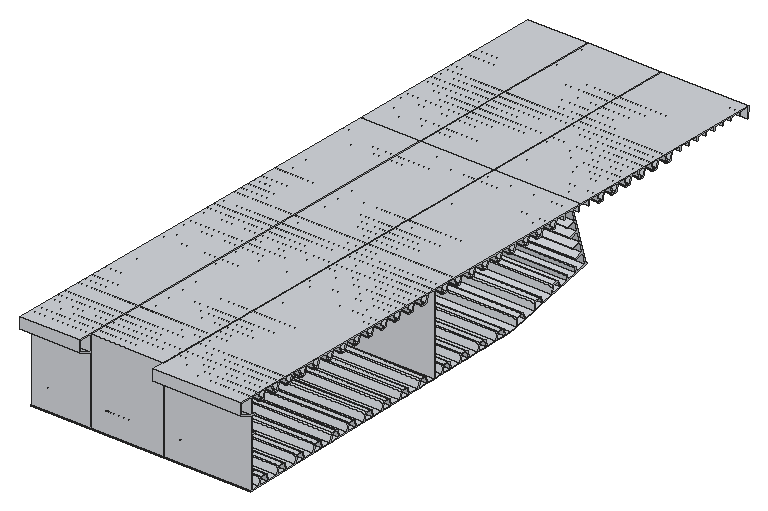
Revit family "A1-A4节段-主梁框架", category 结构框架, Revit 2018
Family settings
  横断面形状 = 未定义
  用于模型行为的材质 = 其他
  始终导出为几何图形 = 否
  OmniClass 编号 = 23.25.30.11.14.14
  OmniClass 标题 = Beams
  总是垂直 = 是
  加载时剪切的空心 = 否
  符号表示法 = 从族
  共享 = 否
  在平面视图中显示族的预剪切 = 是
Parameters
  Length [instance] = 3000 mm
Reference planes
  plane 1 "中心(前/后)": y = 0
  plane 2 "中心标高": z = 0
  plane 3 "中心(左/右)": x = 0
  plane 4 "左": x = -1500
  plane 5 "右": x = 1500
  plane 6: x = 3100
  plane 7: x = 2600
  plane 8: x = -2600
  plane 9: x = -4700
  plane 10: y = 3000
  plane 11: y = 3500
  plane 12: x = 0
  plane 13 "横梁隔板": y = 1200
  plane 14: y = 1206
  plane 15: y = 1194
  plane 16: x = 0
  plane 17: x = -1300
  plane 18: y = 5325
  plane 19: x = 0
  plane 20: y = 3600
  plane 21: y = 3400
  plane 22: x = -300
  plane 23: z = -584
  plane 24: x = -167
  plane 25: x = -7
  plane 26: y = 1300
  plane 27: y = 1100
  plane 28: x = 12300
  plane 29: x = 16248
  plane 30: x = 16978
  plane 31: x = 16343
  plane 32: x = 16883
  plane 33: x = 16730
  plane 34: x = 16313
  plane 35: through (0, 18610.834, -1253.315) normal (0, 0.9647, 0.2633)
  plane 36: through (0, 18442.341, -635.893) normal (0, -0.2633, 0.9647)
  plane 37: through (0, 18361.933, -1332.753) normal (0, 0.9647, 0.2633)
  plane 38: through (0, 18405.666, -974.53) normal (0, -0.9647, -0.2633)
  plane 39: through (0, 18187.495, 460.751) normal (0, -0.2633, 0.9647)
  plane 40: z = -1041.878
  plane 41: through (16613, 0, -1041.878) normal (0.9769, 0, 0.2139)
  plane 42 "主梁腹板": through (0, 17718.181, -302.375) normal (0, -0.9576, -0.2881)
  plane 43 "标识2": y = 18621.365
  plane 44 "标识3": x = 40032
  plane 45: through (0, 17875.895, 448.276) normal (0, -0.2633, 0.9647)
  plane 46: through (23820.66, 0, 361.834) normal (-0.3189, 0, 0.9478)
  plane 47: through (0, 18008.89, 479.856) normal (0, -0.2633, 0.9647)
  plane 48: through (0, 17982.576, 576.28) normal (0, -0.2633, 0.9647)
  plane 49: through (0, 17947.099, 706.283) normal (0, -0.2633, 0.9647)
  plane 50 "旋转面": through (0, 17718.181, -302.375) normal (0, -0.9576, -0.2881)
  plane 51: x = 39200
  plane 52: x = 31400
  plane 53: through (0, 18240.861, -1365.794) normal (0, 0.9647, 0.2633)
  plane 54: through (0, 17718.181, -302.375) normal (0, 0.2881, -0.9576)
  plane 55: through (0, 18061.826, -1444.601) normal (0, 0.2881, -0.9576)
  plane 56: through (0, 18427.833, -580.768) normal (0, 0.2633, -0.9647)
  plane 57: through (0, 17796.772, -563.602) normal (0, 0.2881, -0.9576)
  plane 58: through (0, 18056.062, -1425.442) normal (0, -0.2881, 0.9576)
  plane 59: x = 43500
  plane 60: x = 27900
Forms (mm)
  Sweep 1, solid
    path origin (-3100, -3000, 0) x (1, 0, 0) y (0, 1, 0)
      loop
        line (3100, 0) -> (0, 0)
    profile "A1-A4节段主梁截面 : A1-A4节段主梁截面" origin (-1550, -3000, 0) x (0, -1, 0) y (0, 0, 1)
      loop
        line (-14716.674, -2992) -> (-14333.326, -2992) -> (-14399.763, -2761.685)
        arc (-14399.763, -2761.685) -> (-14410.552, -2746.027) -> (-14428.588, -2740) r 30
        line (-14428.588, -2740) -> (-14525, -2740) -> (-14621.412, -2740)
        arc (-14621.412, -2740) -> (-14639.448, -2746.027) -> (-14650.237, -2761.685) r 30
        line (-14650.237, -2761.685) -> (-14716.674, -2992)
      loop
        line (-13916.674, -2992) -> (-13533.326, -2992) -> (-13599.763, -2761.685)
        arc (-13599.763, -2761.685) -> (-13610.552, -2746.027) -> (-13628.588, -2740) r 30
        line (-13628.588, -2740) -> (-13725, -2740) -> (-13821.412, -2740)
        arc (-13821.412, -2740) -> (-13839.448, -2746.027) -> (-13850.237, -2761.685) r 30
        line (-13850.237, -2761.685) -> (-13916.674, -2992)
      loop
        line (-13116.674, -2992) -> (-12733.326, -2992) -> (-12799.763, -2761.685)
        arc (-12799.763, -2761.685) -> (-12810.552, -2746.027) -> (-12828.588, -2740) r 30
        line (-12828.588, -2740) -> (-12925, -2740) -> (-13021.412, -2740)
        arc (-13021.412, -2740) -> (-13039.448, -2746.027) -> (-13050.237, -2761.685) r 30
        line (-13050.237, -2761.685) -> (-13116.674, -2992)
      loop
        line (-11266.674, -2992) -> (-10883.326, -2992) -> (-10949.763, -2761.685)
        arc (-10949.763, -2761.685) -> (-10960.552, -2746.027) -> (-10978.588, -2740) r 30
        line (-10978.588, -2740) -> (-11075, -2740) -> (-11171.412, -2740)
        arc (-11171.412, -2740) -> (-11189.448, -2746.027) -> (-11200.237, -2761.685) r 30
        line (-11200.237, -2761.685) -> (-11266.674, -2992)
      loop
        line (-10466.674, -2992) -> (-10083.326, -2992) -> (-10149.763, -2761.685)
        arc (-10149.763, -2761.685) -> (-10160.552, -2746.027) -> (-10178.588, -2740) r 30
        line (-10178.588, -2740) -> (-10275, -2740) -> (-10371.412, -2740)
        arc (-10371.412, -2740) -> (-10389.448, -2746.027) -> (-10400.237, -2761.685) r 30
        line (-10400.237, -2761.685) -> (-10466.674, -2992)
      loop
        line (-9666.674, -2992) -> (-9283.326, -2992) -> (-9349.763, -2761.685)
        arc (-9349.763, -2761.685) -> (-9360.552, -2746.027) -> (-9378.588, -2740) r 30
        line (-9378.588, -2740) -> (-9475, -2740) -> (-9571.412, -2740)
        arc (-9571.412, -2740) -> (-9589.448, -2746.027) -> (-9600.237, -2761.685) r 30
        line (-9600.237, -2761.685) -> (-9666.674, -2992)
      loop
        line (-8866.674, -2992) -> (-8483.326, -2992) -> (-8549.763, -2761.685)
        arc (-8549.763, -2761.685) -> (-8560.552, -2746.027) -> (-8578.588, -2740) r 30
        line (-8578.588, -2740) -> (-8675, -2740) -> (-8771.412, -2740)
        arc (-8771.412, -2740) -> (-8789.448, -2746.027) -> (-8800.237, -2761.685) r 30
        line (-8800.237, -2761.685) -> (-8866.674, -2992)
      loop
        line (-8116.674, -2992) -> (-7733.326, -2992) -> (-7799.763, -2761.685)
        arc (-7799.763, -2761.685) -> (-7810.552, -2746.027) -> (-7828.588, -2740) r 30
        line (-7828.588, -2740) -> (-7925, -2740) -> (-8021.412, -2740)
        arc (-8021.412, -2740) -> (-8039.448, -2746.027) -> (-8050.237, -2761.685) r 30
        line (-8050.237, -2761.685) -> (-8116.674, -2992)
      loop
        line (-7366.674, -2992) -> (-6983.326, -2992) -> (-7049.763, -2761.685)
        arc (-7049.763, -2761.685) -> (-7060.552, -2746.027) -> (-7078.588, -2740) r 30
        line (-7078.588, -2740) -> (-7175, -2740) -> (-7271.412, -2740)
        arc (-7271.412, -2740) -> (-7289.448, -2746.027) -> (-7300.237, -2761.685) r 30
        line (-7300.237, -2761.685) -> (-7366.674, -2992)
      loop
        line (-6616.674, -2992) -> (-6233.326, -2992) -> (-6299.763, -2761.685)
        arc (-6299.763, -2761.685) -> (-6310.552, -2746.027) -> (-6328.588, -2740) r 30
        line (-6328.588, -2740) -> (-6425, -2740) -> (-6521.412, -2740)
        arc (-6521.412, -2740) -> (-6539.448, -2746.027) -> (-6550.237, -2761.685) r 30
        line (-6550.237, -2761.685) -> (-6616.674, -2992)
      loop
        line (-5816.674, -2992) -> (-5433.326, -2992) -> (-5499.763, -2761.685)
        arc (-5499.763, -2761.685) -> (-5510.552, -2746.027) -> (-5528.588, -2740) r 30
        line (-5528.588, -2740) -> (-5625, -2740) -> (-5721.412, -2740)
        arc (-5721.412, -2740) -> (-5739.448, -2746.027) -> (-5750.237, -2761.685) r 30
        line (-5750.237, -2761.685) -> (-5816.674, -2992)
      loop
        line (-5016.674, -2992) -> (-4633.326, -2992) -> (-4699.763, -2761.685)
        arc (-4699.763, -2761.685) -> (-4710.552, -2746.027) -> (-4728.588, -2740) r 30
        line (-4728.588, -2740) -> (-4825, -2740) -> (-4921.412, -2740)
        arc (-4921.412, -2740) -> (-4939.448, -2746.027) -> (-4950.237, -2761.685) r 30
        line (-4950.237, -2761.685) -> (-5016.674, -2992)
      loop
        line (-17075.615, -2306.983) -> (-17189.264, -2518.035) -> (-16814.589, -2599.118) -> (-16830.854, -2359.288)
        arc (-16830.854, -2359.288) -> (-16836.17, -2344.169) -> (-16848.512, -2333.944) r 30
        line (-16848.512, -2333.944) -> (-16948.625, -2312.278) -> (-17042.856, -2291.885)
        arc (-17042.856, -2291.885) -> (-17061.758, -2293.961) -> (-17075.615, -2306.983) r 30
      loop
        line (-16293.715, -2476.195) -> (-16407.364, -2687.246) -> (-16032.689, -2768.33) -> (-16048.908, -2529.173)
        arc (-16048.908, -2529.173) -> (-16056.141, -2511.587) -> (-16072.494, -2501.882) r 30
        line (-16072.494, -2501.882) -> (-16166.725, -2481.49) -> (-16260.956, -2461.097)
        arc (-16260.956, -2461.097) -> (-16279.858, -2463.172) -> (-16293.715, -2476.195) r 30
      loop
        line (-15511.815, -2645.406) -> (-15625.464, -2856.458) -> (-15250.789, -2937.541) -> (-15267.008, -2698.385)
        arc (-15267.008, -2698.385) -> (-15274.241, -2680.799) -> (-15290.594, -2671.094) r 30
        line (-15290.594, -2671.094) -> (-15384.825, -2650.701) -> (-15479.056, -2630.308)
        arc (-15479.056, -2630.308) -> (-15497.958, -2632.384) -> (-15511.815, -2645.406) r 30
      loop
        line (-12250.237, -2761.685) -> (-12316.674, -2992) -> (-11933.326, -2992) -> (-11999.763, -2761.685)
        arc (-11999.763, -2761.685) -> (-12010.552, -2746.027) -> (-12028.588, -2740) r 30
        line (-12028.588, -2740) -> (-12125, -2740) -> (-12221.412, -2740)
        arc (-12221.412, -2740) -> (-12239.448, -2746.027) -> (-12250.237, -2761.685) r 30
      loop
        line (-4150.237, -2761.685) -> (-4216.674, -2992) -> (-3833.326, -2992) -> (-3899.763, -2761.685)
        arc (-3899.763, -2761.685) -> (-3910.552, -2746.027) -> (-3928.588, -2740) r 30
        line (-3928.588, -2740) -> (-4025, -2740) -> (-4121.412, -2740)
        arc (-4121.412, -2740) -> (-4139.448, -2746.027) -> (-4150.237, -2761.685) r 30
      loop
        arc (-22055.241, -629.212) -> (-22040.716, -651.2) -> (-22015.666, -659.381) r 40
        line (-22015.666, -659.381) -> (-21968.808, -658.444) -> (-21921.951, -657.507)
        arc (-21921.951, -657.507) -> (-21897.248, -648.331) -> (-21883.614, -625.779) r 40
        line (-21883.614, -625.779) -> (-21832.489, -383.663) -> (-22116.006, -389.334) -> (-22055.241, -629.212)
      loop
        arc (-21455.361, -617.214) -> (-21440.836, -639.202) -> (-21415.785, -647.383) r 40
        line (-21415.785, -647.383) -> (-21368.928, -646.446) -> (-21322.071, -645.509)
        arc (-21322.071, -645.509) -> (-21297.368, -636.333) -> (-21283.734, -613.781) r 40
        line (-21283.734, -613.781) -> (-21232.609, -371.665) -> (-21516.126, -377.336) -> (-21455.361, -617.214)
      loop
        arc (-20855.481, -605.216) -> (-20840.956, -627.204) -> (-20815.905, -635.385) r 40
        line (-20815.905, -635.385) -> (-20769.048, -634.448) -> (-20722.191, -633.511)
        arc (-20722.191, -633.511) -> (-20697.488, -624.335) -> (-20683.854, -601.783) r 40
        line (-20683.854, -601.783) -> (-20632.729, -359.667) -> (-20916.246, -365.338) -> (-20855.481, -605.216)
      loop
        arc (-20255.601, -593.218) -> (-20241.076, -615.206) -> (-20216.025, -623.387) r 40
        line (-20216.025, -623.387) -> (-20169.168, -622.45) -> (-20122.311, -621.513)
        arc (-20122.311, -621.513) -> (-20097.608, -612.337) -> (-20083.974, -589.785) r 40
        line (-20083.974, -589.785) -> (-20032.849, -347.669) -> (-20316.366, -353.34) -> (-20255.601, -593.218)
      loop
        arc (-19655.721, -581.22) -> (-19641.196, -603.208) -> (-19616.145, -611.389) r 40
        line (-19616.145, -611.389) -> (-19569.288, -610.452) -> (-19522.431, -609.515)
        arc (-19522.431, -609.515) -> (-19497.728, -600.339) -> (-19484.094, -577.787) r 40
        line (-19484.094, -577.787) -> (-19432.968, -335.671) -> (-19716.486, -341.342) -> (-19655.721, -581.22)
      loop
        arc (-19055.84, -569.222) -> (-19041.316, -591.21) -> (-19016.265, -599.391) r 40
        line (-19016.265, -599.391) -> (-18969.408, -598.454) -> (-18922.551, -597.517)
        arc (-18922.551, -597.517) -> (-18897.848, -588.341) -> (-18884.214, -565.789) r 40
        line (-18884.214, -565.789) -> (-18833.088, -323.673) -> (-19116.606, -329.344) -> (-19055.84, -569.222)
      loop
        arc (-16930.033, -527.705) -> (-16915.508, -549.693) -> (-16890.458, -557.874) r 40
        line (-16890.458, -557.874) -> (-16843.601, -556.937) -> (-16796.744, -556)
        arc (-16796.744, -556) -> (-16772.041, -546.823) -> (-16758.407, -524.272) r 40
        line (-16758.407, -524.272) -> (-16707.281, -282.156) -> (-16990.799, -287.827) -> (-16930.033, -527.705)
      loop
        arc (-16330.153, -515.707) -> (-16315.628, -537.695) -> (-16290.578, -545.876) r 40
        line (-16290.578, -545.876) -> (-16243.721, -544.939) -> (-16196.864, -544.002)
        arc (-16196.864, -544.002) -> (-16172.161, -534.825) -> (-16158.527, -512.274) r 40
        line (-16158.527, -512.274) -> (-16107.401, -270.158) -> (-16390.919, -275.829) -> (-16330.153, -515.707)
      loop
        arc (-15730.273, -503.709) -> (-15715.748, -525.697) -> (-15690.698, -533.878) r 40
        line (-15690.698, -533.878) -> (-15643.841, -532.941) -> (-15596.984, -532.004)
        arc (-15596.984, -532.004) -> (-15572.281, -522.827) -> (-15558.647, -500.276) r 40
        line (-15558.647, -500.276) -> (-15507.521, -258.16) -> (-15791.039, -263.831) -> (-15730.273, -503.709)
      loop
        arc (-15130.393, -491.711) -> (-15115.868, -513.699) -> (-15090.818, -521.88) r 40
        line (-15090.818, -521.88) -> (-15043.961, -520.943) -> (-14997.104, -520.006)
        arc (-14997.104, -520.006) -> (-14972.401, -510.829) -> (-14958.767, -488.278) r 40
        line (-14958.767, -488.278) -> (-14907.641, -246.162) -> (-15191.159, -251.833) -> (-15130.393, -491.711)
      loop
        arc (-14530.513, -479.713) -> (-14515.988, -501.701) -> (-14490.938, -509.882) r 40
        line (-14490.938, -509.882) -> (-14444.081, -508.945) -> (-14397.224, -508.008)
        arc (-14397.224, -508.008) -> (-14372.521, -498.831) -> (-14358.887, -476.28) r 40
        line (-14358.887, -476.28) -> (-14307.761, -234.164) -> (-14591.279, -239.835) -> (-14530.513, -479.713)
      loop
        arc (-13930.633, -467.715) -> (-13916.108, -489.703) -> (-13891.058, -497.884) r 40
        line (-13891.058, -497.884) -> (-13844.201, -496.947) -> (-13797.344, -496.01)
        arc (-13797.344, -496.01) -> (-13772.641, -486.833) -> (-13759.007, -464.282) r 40
        line (-13759.007, -464.282) -> (-13707.881, -222.166) -> (-13991.399, -227.837) -> (-13930.633, -467.715)
      loop
        arc (-13330.753, -455.717) -> (-13316.228, -477.705) -> (-13291.178, -485.886) r 40
        line (-13291.178, -485.886) -> (-13244.321, -484.949) -> (-13197.464, -484.012)
        arc (-13197.464, -484.012) -> (-13172.761, -474.835) -> (-13159.127, -452.284) r 40
        line (-13159.127, -452.284) -> (-13108.001, -210.168) -> (-13391.519, -215.839) -> (-13330.753, -455.717)
      loop
        arc (-12730.873, -443.719) -> (-12716.348, -465.707) -> (-12691.298, -473.888) r 40
        line (-12691.298, -473.888) -> (-12644.441, -472.951) -> (-12597.584, -472.014)
        arc (-12597.584, -472.014) -> (-12572.881, -462.837) -> (-12559.247, -440.286) r 40
        line (-12559.247, -440.286) -> (-12508.121, -198.17) -> (-12791.639, -203.841) -> (-12730.873, -443.719)
      loop
        arc (-12130.993, -431.721) -> (-12116.468, -453.709) -> (-12091.418, -461.89) r 40
        line (-12091.418, -461.89) -> (-12044.561, -460.953) -> (-11997.704, -460.016)
        arc (-11997.704, -460.016) -> (-11973.001, -450.839) -> (-11959.367, -428.288) r 40
        line (-11959.367, -428.288) -> (-11908.241, -186.172) -> (-12191.759, -191.843) -> (-12130.993, -431.721)
      loop
        arc (-11229.553, -413.691) -> (-11215.029, -435.68) -> (-11189.978, -443.861) r 40
        line (-11189.978, -443.861) -> (-11143.121, -442.924) -> (-11096.264, -441.987)
        arc (-11096.264, -441.987) -> (-11071.561, -432.81) -> (-11057.927, -410.259) r 40
        line (-11057.927, -410.259) -> (-11006.801, -168.143) -> (-11290.319, -173.813) -> (-11229.553, -413.691)
      loop
        arc (-10629.673, -401.693) -> (-10615.149, -423.682) -> (-10590.098, -431.863) r 40
        line (-10590.098, -431.863) -> (-10543.241, -430.926) -> (-10496.384, -429.989)
        arc (-10496.384, -429.989) -> (-10471.681, -420.812) -> (-10458.047, -398.261) r 40
        line (-10458.047, -398.261) -> (-10406.921, -156.145) -> (-10690.439, -161.815) -> (-10629.673, -401.693)
      loop
        arc (-10029.793, -389.695) -> (-10015.269, -411.684) -> (-9990.218, -419.865) r 40
        line (-9990.218, -419.865) -> (-9943.361, -418.928) -> (-9896.504, -417.991)
        arc (-9896.504, -417.991) -> (-9871.801, -408.814) -> (-9858.167, -386.263) r 40
        line (-9858.167, -386.263) -> (-9807.041, -144.147) -> (-10090.559, -149.817) -> (-10029.793, -389.695)
      loop
        arc (-9429.913, -377.697) -> (-9415.389, -399.686) -> (-9390.338, -407.867) r 40
        line (-9390.338, -407.867) -> (-9343.481, -406.93) -> (-9296.624, -405.993)
        arc (-9296.624, -405.993) -> (-9271.921, -396.816) -> (-9258.287, -374.265) r 40
        line (-9258.287, -374.265) -> (-9207.161, -132.149) -> (-9490.679, -137.819) -> (-9429.913, -377.697)
      loop
        arc (-8830.033, -365.699) -> (-8815.508, -387.688) -> (-8790.458, -395.869) r 40
        line (-8790.458, -395.869) -> (-8743.601, -394.932) -> (-8696.744, -393.995)
        arc (-8696.744, -393.995) -> (-8672.041, -384.818) -> (-8658.407, -362.267) r 40
        line (-8658.407, -362.267) -> (-8607.281, -120.151) -> (-8890.799, -125.821) -> (-8830.033, -365.699)
      loop
        arc (-8230.153, -353.701) -> (-8215.628, -375.69) -> (-8190.578, -383.871) r 40
        line (-8190.578, -383.871) -> (-8143.721, -382.934) -> (-8096.864, -381.997)
        arc (-8096.864, -381.997) -> (-8072.161, -372.82) -> (-8058.527, -350.269) r 40
        line (-8058.527, -350.269) -> (-8007.401, -108.153) -> (-8290.919, -113.823) -> (-8230.153, -353.701)
      loop
        arc (-7630.273, -341.703) -> (-7615.748, -363.692) -> (-7590.698, -371.873) r 40
        line (-7590.698, -371.873) -> (-7543.841, -370.936) -> (-7496.984, -369.999)
        arc (-7496.984, -369.999) -> (-7472.281, -360.822) -> (-7458.647, -338.271) r 40
        line (-7458.647, -338.271) -> (-7407.521, -96.155) -> (-7691.039, -101.825) -> (-7630.273, -341.703)
      loop
        arc (-7030.393, -329.705) -> (-7015.868, -351.694) -> (-6990.818, -359.875) r 40
        line (-6990.818, -359.875) -> (-6943.961, -358.938) -> (-6897.104, -358.001)
        arc (-6897.104, -358.001) -> (-6872.401, -348.824) -> (-6858.767, -326.273) r 40
        line (-6858.767, -326.273) -> (-6807.641, -84.157) -> (-7091.159, -89.827) -> (-7030.393, -329.705)
      loop
        arc (-6430.513, -317.707) -> (-6415.988, -339.696) -> (-6390.938, -347.877) r 40
        line (-6390.938, -347.877) -> (-6344.081, -346.94) -> (-6297.224, -346.003)
        arc (-6297.224, -346.003) -> (-6272.521, -336.826) -> (-6258.887, -314.275) r 40
        line (-6258.887, -314.275) -> (-6207.761, -72.159) -> (-6491.279, -77.829) -> (-6430.513, -317.707)
      loop
        arc (-5830.633, -305.709) -> (-5816.108, -327.698) -> (-5791.058, -335.879) r 40
        line (-5791.058, -335.879) -> (-5744.201, -334.942) -> (-5697.344, -334.005)
        arc (-5697.344, -334.005) -> (-5672.641, -324.828) -> (-5659.007, -302.277) r 40
        line (-5659.007, -302.277) -> (-5607.881, -60.161) -> (-5891.399, -65.831) -> (-5830.633, -305.709)
      loop
        arc (-5230.753, -293.712) -> (-5216.228, -315.7) -> (-5191.178, -323.881) r 40
        line (-5191.178, -323.881) -> (-5144.321, -322.944) -> (-5097.464, -322.007)
        arc (-5097.464, -322.007) -> (-5072.761, -312.83) -> (-5059.127, -290.279) r 40
        line (-5059.127, -290.279) -> (-5008.001, -48.163) -> (-5291.519, -53.833) -> (-5230.753, -293.712)
      loop
        arc (-4630.873, -281.714) -> (-4616.348, -303.702) -> (-4591.298, -311.883) r 40
        line (-4591.298, -311.883) -> (-4544.441, -310.946) -> (-4497.584, -310.009)
        arc (-4497.584, -310.009) -> (-4472.881, -300.832) -> (-4459.247, -278.281) r 40
        line (-4459.247, -278.281) -> (-4408.121, -36.165) -> (-4691.639, -41.835) -> (-4630.873, -281.714)
      loop
        arc (-4030.993, -269.716) -> (-4016.468, -291.704) -> (-3991.418, -299.885) r 40
        line (-3991.418, -299.885) -> (-3944.561, -298.948) -> (-3897.704, -298.011)
        arc (-3897.704, -298.011) -> (-3873.001, -288.834) -> (-3859.367, -266.283) r 40
        line (-3859.367, -266.283) -> (-3808.241, -24.167) -> (-4091.759, -29.837) -> (-4030.993, -269.716)
      loop
        line (-3507, -594) -> (-3507, -18.142) -> (-3800.03, -24.003) -> (-3851.539, -267.936)
        arc (-3851.539, -267.936) -> (-3867.9, -294.997) -> (-3897.544, -306.009) r 48
        line (-3897.544, -306.009) -> (-3944.401, -306.946) -> (-3991.258, -307.883)
        arc (-3991.258, -307.883) -> (-4021.318, -298.066) -> (-4038.748, -271.68) r 48
        line (-4038.748, -271.68) -> (-4099.97, -30.002) -> (-4399.91, -36.001) -> (-4451.419, -279.934)
        arc (-4451.419, -279.934) -> (-4467.78, -306.995) -> (-4497.424, -318.007) r 48
        line (-4497.424, -318.007) -> (-4544.281, -318.944) -> (-4591.138, -319.881)
        arc (-4591.138, -319.881) -> (-4621.198, -310.064) -> (-4638.628, -283.678) r 48
        line (-4638.628, -283.678) -> (-4699.85, -42) -> (-4999.79, -47.999) -> (-5051.299, -291.932)
        arc (-5051.299, -291.932) -> (-5067.66, -318.993) -> (-5097.304, -330.005) r 48
        line (-5097.304, -330.005) -> (-5144.161, -330.942) -> (-5191.018, -331.879)
        arc (-5191.018, -331.879) -> (-5221.078, -322.062) -> (-5238.508, -295.676) r 48
        line (-5238.508, -295.676) -> (-5299.73, -53.998) -> (-5599.67, -59.997) -> (-5651.179, -303.93)
        arc (-5651.179, -303.93) -> (-5667.54, -330.991) -> (-5697.184, -342.003) r 48
        line (-5697.184, -342.003) -> (-5744.041, -342.94) -> (-5790.898, -343.877)
        arc (-5790.898, -343.877) -> (-5820.958, -334.06) -> (-5838.388, -307.674) r 48
        line (-5838.388, -307.674) -> (-5899.61, -65.996) -> (-6199.55, -71.995) -> (-6251.059, -315.928)
        arc (-6251.059, -315.928) -> (-6267.42, -342.989) -> (-6297.064, -354.001) r 48
        line (-6297.064, -354.001) -> (-6343.921, -354.938) -> (-6390.778, -355.875)
        arc (-6390.778, -355.875) -> (-6420.838, -346.058) -> (-6438.268, -319.672) r 48
        line (-6438.268, -319.672) -> (-6499.49, -77.994) -> (-6799.43, -83.993) -> (-6850.939, -327.926)
        arc (-6850.939, -327.926) -> (-6867.3, -354.987) -> (-6896.944, -365.999) r 48
        line (-6896.944, -365.999) -> (-6943.801, -366.936) -> (-6990.658, -367.873)
        arc (-6990.658, -367.873) -> (-7020.718, -358.056) -> (-7038.148, -331.67) r 48
        line (-7038.148, -331.67) -> (-7099.37, -89.992) -> (-7399.31, -95.991) -> (-7450.819, -339.924)
        arc (-7450.819, -339.924) -> (-7467.18, -366.985) -> (-7496.824, -377.997) r 48
        line (-7496.824, -377.997) -> (-7543.681, -378.934) -> (-7590.538, -379.871)
        arc (-7590.538, -379.871) -> (-7620.598, -370.054) -> (-7638.028, -343.668) r 48
        line (-7638.028, -343.668) -> (-7699.25, -101.99) -> (-7999.19, -107.989) -> (-8050.7, -351.922)
        arc (-8050.7, -351.922) -> (-8067.06, -378.983) -> (-8096.704, -389.995) r 48
        line (-8096.704, -389.995) -> (-8143.561, -390.932) -> (-8190.418, -391.869)
        arc (-8190.418, -391.869) -> (-8220.479, -382.052) -> (-8237.908, -355.666) r 48
        line (-8237.908, -355.666) -> (-8299.13, -113.988) -> (-8599.07, -119.987) -> (-8650.58, -363.92)
        arc (-8650.58, -363.92) -> (-8666.94, -390.981) -> (-8696.584, -401.993) r 48
        line (-8696.584, -401.993) -> (-8743.441, -402.93) -> (-8790.298, -403.867)
        arc (-8790.298, -403.867) -> (-8820.359, -394.05) -> (-8837.788, -367.664) r 48
        line (-8837.788, -367.664) -> (-8899.01, -125.986) -> (-9198.95, -131.985) -> (-9250.46, -375.918)
        arc (-9250.46, -375.918) -> (-9266.82, -402.979) -> (-9296.464, -413.991) r 48
        line (-9296.464, -413.991) -> (-9343.321, -414.928) -> (-9390.178, -415.865)
        arc (-9390.178, -415.865) -> (-9420.239, -406.048) -> (-9437.668, -379.662) r 48
        line (-9437.668, -379.662) -> (-9498.89, -137.984) -> (-9798.83, -143.983) -> (-9850.34, -387.916)
        arc (-9850.34, -387.916) -> (-9866.7, -414.977) -> (-9896.344, -425.989) r 48
        line (-9896.344, -425.989) -> (-9943.201, -426.926) -> (-9990.058, -427.863)
        arc (-9990.058, -427.863) -> (-10020.119, -418.046) -> (-10037.548, -391.66) r 48
        line (-10037.548, -391.66) -> (-10098.77, -149.982) -> (-10398.71, -155.981) -> (-10450.22, -399.914)
        arc (-10450.22, -399.914) -> (-10466.58, -426.975) -> (-10496.224, -437.987) r 48
        line (-10496.224, -437.987) -> (-10543.081, -438.924) -> (-10589.938, -439.861)
        arc (-10589.938, -439.861) -> (-10619.999, -430.044) -> (-10637.428, -403.658) r 48
        line (-10637.428, -403.658) -> (-10698.65, -161.98) -> (-10998.59, -167.979) -> (-11050.1, -411.912)
        arc (-11050.1, -411.912) -> (-11066.46, -438.973) -> (-11096.104, -449.985) r 48
        line (-11096.104, -449.985) -> (-11142.961, -450.922) -> (-11189.818, -451.859)
        arc (-11189.818, -451.859) -> (-11219.879, -442.042) -> (-11237.308, -415.656) r 48
        line (-11237.308, -415.656) -> (-11298.53, -173.978) -> (-11593, -179.867) -> (-11593, -2992) -> (-11275, -2992) -> (-11207.923, -2759.468)
        arc (-11207.923, -2759.468) -> (-11194.257, -2739.634) -> (-11171.412, -2732) r 38
        line (-11171.412, -2732) -> (-11075, -2732) -> (-10978.588, -2732)
        arc (-10978.588, -2732) -> (-10955.743, -2739.634) -> (-10942.077, -2759.468) r 38
        line (-10942.077, -2759.468) -> (-10875, -2992) -> (-10475, -2992) -> (-10407.923, -2759.468)
        arc (-10407.923, -2759.468) -> (-10394.257, -2739.634) -> (-10371.412, -2732) r 38
        line (-10371.412, -2732) -> (-10275, -2732) -> (-10178.588, -2732)
        arc (-10178.588, -2732) -> (-10155.743, -2739.634) -> (-10142.077, -2759.468) r 38
        line (-10142.077, -2759.468) -> (-10075, -2992) -> (-9675, -2992) -> (-9607.923, -2759.468)
        arc (-9607.923, -2759.468) -> (-9594.257, -2739.634) -> (-9571.412, -2732) r 38
        line (-9571.412, -2732) -> (-9475, -2732) -> (-9378.588, -2732)
        arc (-9378.588, -2732) -> (-9355.743, -2739.634) -> (-9342.077, -2759.468) r 38
        line (-9342.077, -2759.468) -> (-9275, -2992) -> (-8875, -2992) -> (-8807.923, -2759.468)
        arc (-8807.923, -2759.468) -> (-8794.257, -2739.634) -> (-8771.412, -2732) r 38
        line (-8771.412, -2732) -> (-8675, -2732) -> (-8578.588, -2732)
        arc (-8578.588, -2732) -> (-8555.743, -2739.634) -> (-8542.077, -2759.468) r 38
        line (-8542.077, -2759.468) -> (-8475, -2992) -> (-8125, -2992) -> (-8057.923, -2759.468)
        arc (-8057.923, -2759.468) -> (-8044.257, -2739.634) -> (-8021.412, -2732) r 38
        line (-8021.412, -2732) -> (-7925, -2732) -> (-7828.588, -2732)
        arc (-7828.588, -2732) -> (-7805.743, -2739.634) -> (-7792.077, -2759.468) r 38
        line (-7792.077, -2759.468) -> (-7725, -2992) -> (-7375, -2992) -> (-7307.923, -2759.468)
        arc (-7307.923, -2759.468) -> (-7294.257, -2739.634) -> (-7271.412, -2732) r 38
        line (-7271.412, -2732) -> (-7175, -2732) -> (-7078.588, -2732)
        arc (-7078.588, -2732) -> (-7055.743, -2739.634) -> (-7042.077, -2759.468) r 38
        line (-7042.077, -2759.468) -> (-6975, -2992) -> (-6625, -2992) -> (-6557.923, -2759.468)
        arc (-6557.923, -2759.468) -> (-6544.257, -2739.634) -> (-6521.412, -2732) r 38
        line (-6521.412, -2732) -> (-6425, -2732) -> (-6328.588, -2732)
        arc (-6328.588, -2732) -> (-6305.743, -2739.634) -> (-6292.077, -2759.468) r 38
        line (-6292.077, -2759.468) -> (-6225, -2992) -> (-5825, -2992) -> (-5757.923, -2759.468)
        arc (-5757.923, -2759.468) -> (-5744.257, -2739.634) -> (-5721.412, -2732) r 38
        line (-5721.412, -2732) -> (-5625, -2732) -> (-5528.588, -2732)
        arc (-5528.588, -2732) -> (-5505.743, -2739.634) -> (-5492.077, -2759.468) r 38
        line (-5492.077, -2759.468) -> (-5425, -2992) -> (-5025, -2992) -> (-4957.923, -2759.468)
        arc (-4957.923, -2759.468) -> (-4944.257, -2739.634) -> (-4921.412, -2732) r 38
        line (-4921.412, -2732) -> (-4825, -2732) -> (-4728.588, -2732)
        arc (-4728.588, -2732) -> (-4705.743, -2739.634) -> (-4692.077, -2759.468) r 38
        line (-4692.077, -2759.468) -> (-4625, -2992) -> (-4225, -2992) -> (-4157.923, -2759.468)
        arc (-4157.923, -2759.468) -> (-4144.257, -2739.634) -> (-4121.412, -2732) r 38
        line (-4121.412, -2732) -> (-4025, -2732) -> (-3928.588, -2732)
        arc (-3928.588, -2732) -> (-3905.743, -2739.634) -> (-3892.077, -2759.468) r 38
        line (-3892.077, -2759.468) -> (-3825, -2992) -> (-3507, -2992) -> (-3507, -2406) -> (-3647, -2406) -> (-3647, -2394) -> (-3507, -2394) -> (-3507, -1806) -> (-3647, -1806) -> (-3647, -1794) -> (-3507, -1794) -> (-3507, -1206) -> (-3647, -1206) -> (-3647, -1194) -> (-3507, -1194) -> (-3507, -606) -> (-3647, -606) -> (-3647, -594) -> (-3507, -594)
      loop
        line (-17686.663, -301.744) -> (-17803.803, -691.101) -> (-17497.371, -783.292) -> (-17504.285, -806.275) -> (-17810.717, -714.083) -> (-17919.043, -1074.141) -> (-17612.61, -1166.333) -> (-17619.525, -1189.315) -> (-17925.957, -1097.123) -> (-18034.282, -1457.181) -> (-17727.85, -1549.373) -> (-17734.765, -1572.355) -> (-18041.197, -1480.163) -> (-18149.522, -1840.221) -> (-17843.09, -1932.413) -> (-17850.004, -1955.395) -> (-18156.436, -1863.204) -> (-18282.281, -2281.494) -> (-17889.383, -2366.521) -> (-17851.31, -2190.594) -> (-17835.672, -2193.978) -> (-17873.745, -2369.906) -> (-17498.433, -2451.127) -> (-17460.36, -2275.2) -> (-17444.722, -2278.584) -> (-17482.795, -2454.511) -> (-17197.401, -2516.274) -> (-17082.659, -2303.19)
        arc (-17082.659, -2303.19) -> (-17065.106, -2286.695) -> (-17041.163, -2284.066) r 38
        line (-17041.163, -2284.066) -> (-16946.933, -2304.459) -> (-16852.702, -2324.852)
        arc (-16852.702, -2324.852) -> (-16831.988, -2337.145) -> (-16822.826, -2359.421) r 38
        line (-16822.826, -2359.421) -> (-16806.451, -2600.879) -> (-16415.501, -2685.485) -> (-16300.759, -2472.402)
        arc (-16300.759, -2472.402) -> (-16283.206, -2455.907) -> (-16259.264, -2453.278) r 38
        line (-16259.264, -2453.278) -> (-16165.033, -2473.671) -> (-16070.802, -2494.063)
        arc (-16070.802, -2494.063) -> (-16050.089, -2506.356) -> (-16040.927, -2528.632) r 38
        line (-16040.927, -2528.632) -> (-16024.552, -2770.091) -> (-15633.602, -2854.697) -> (-15518.859, -2641.613)
        arc (-15518.859, -2641.613) -> (-15501.306, -2625.118) -> (-15477.364, -2622.489) r 38
        line (-15477.364, -2622.489) -> (-15383.133, -2642.882) -> (-15288.902, -2663.275)
        arc (-15288.902, -2663.275) -> (-15268.189, -2675.568) -> (-15259.027, -2697.844) r 38
        line (-15259.027, -2697.844) -> (-15242.652, -2939.302) -> (-14999.144, -2992) -> (-14725, -2992) -> (-14657.923, -2759.468)
        arc (-14657.923, -2759.468) -> (-14644.257, -2739.634) -> (-14621.412, -2732) r 38
        line (-14621.412, -2732) -> (-14525, -2732) -> (-14428.588, -2732)
        arc (-14428.588, -2732) -> (-14405.743, -2739.634) -> (-14392.077, -2759.468) r 38
        line (-14392.077, -2759.468) -> (-14325, -2992) -> (-13925, -2992) -> (-13857.923, -2759.468)
        arc (-13857.923, -2759.468) -> (-13844.257, -2739.634) -> (-13821.412, -2732) r 38
        line (-13821.412, -2732) -> (-13725, -2732) -> (-13628.588, -2732)
        arc (-13628.588, -2732) -> (-13605.743, -2739.634) -> (-13592.077, -2759.468) r 38
        line (-13592.077, -2759.468) -> (-13525, -2992) -> (-13125, -2992) -> (-13057.923, -2759.468)
        arc (-13057.923, -2759.468) -> (-13044.257, -2739.634) -> (-13021.412, -2732) r 38
        line (-13021.412, -2732) -> (-12925, -2732) -> (-12828.588, -2732)
        arc (-12828.588, -2732) -> (-12805.743, -2739.634) -> (-12792.077, -2759.468) r 38
        line (-12792.077, -2759.468) -> (-12725, -2992) -> (-12325, -2992) -> (-12257.923, -2759.468)
        arc (-12257.923, -2759.468) -> (-12244.257, -2739.634) -> (-12221.412, -2732) r 38
        line (-12221.412, -2732) -> (-12125, -2732) -> (-12028.588, -2732)
        arc (-12028.588, -2732) -> (-12005.743, -2739.634) -> (-11992.077, -2759.468) r 38
        line (-11992.077, -2759.468) -> (-11925, -2992) -> (-11607, -2992) -> (-11607, -180.147) -> (-11900.03, -186.008) -> (-11951.539, -429.941)
        arc (-11951.539, -429.941) -> (-11967.9, -457.003) -> (-11997.544, -468.014) r 48
        line (-11997.544, -468.014) -> (-12044.401, -468.951) -> (-12091.258, -469.889)
        arc (-12091.258, -469.889) -> (-12121.318, -460.071) -> (-12138.748, -433.685) r 48
        line (-12138.748, -433.685) -> (-12199.97, -192.007) -> (-12499.91, -198.006) -> (-12551.419, -441.939)
        arc (-12551.419, -441.939) -> (-12567.78, -469.001) -> (-12597.424, -480.012) r 48
        line (-12597.424, -480.012) -> (-12644.281, -480.949) -> (-12691.138, -481.887)
        arc (-12691.138, -481.887) -> (-12721.198, -472.069) -> (-12738.628, -445.683) r 48
        line (-12738.628, -445.683) -> (-12799.85, -204.005) -> (-13099.79, -210.004) -> (-13151.299, -453.937)
        arc (-13151.299, -453.937) -> (-13167.66, -480.999) -> (-13197.304, -492.01) r 48
        line (-13197.304, -492.01) -> (-13244.161, -492.947) -> (-13291.018, -493.885)
        arc (-13291.018, -493.885) -> (-13321.078, -484.067) -> (-13338.508, -457.681) r 48
        line (-13338.508, -457.681) -> (-13399.73, -216.003) -> (-13699.67, -222.002) -> (-13751.179, -465.935)
        arc (-13751.179, -465.935) -> (-13767.54, -492.997) -> (-13797.184, -504.008) r 48
        line (-13797.184, -504.008) -> (-13844.041, -504.945) -> (-13890.898, -505.883)
        arc (-13890.898, -505.883) -> (-13920.958, -496.065) -> (-13938.388, -469.679) r 48
        line (-13938.388, -469.679) -> (-13999.61, -228.001) -> (-14299.55, -234) -> (-14351.059, -477.933)
        arc (-14351.059, -477.933) -> (-14367.42, -504.995) -> (-14397.064, -516.006) r 48
        line (-14397.064, -516.006) -> (-14443.921, -516.943) -> (-14490.778, -517.881)
        arc (-14490.778, -517.881) -> (-14520.838, -508.063) -> (-14538.268, -481.677) r 48
        line (-14538.268, -481.677) -> (-14599.49, -239.999) -> (-14899.43, -245.998) -> (-14950.939, -489.931)
        arc (-14950.939, -489.931) -> (-14967.3, -516.993) -> (-14996.944, -528.004) r 48
        line (-14996.944, -528.004) -> (-15043.801, -528.941) -> (-15090.658, -529.879)
        arc (-15090.658, -529.879) -> (-15120.718, -520.061) -> (-15138.148, -493.675) r 48
        line (-15138.148, -493.675) -> (-15199.37, -251.997) -> (-15499.31, -257.996) -> (-15550.819, -501.929)
        arc (-15550.819, -501.929) -> (-15567.18, -528.991) -> (-15596.824, -540.002) r 48
        line (-15596.824, -540.002) -> (-15643.681, -540.939) -> (-15690.538, -541.877)
        arc (-15690.538, -541.877) -> (-15720.598, -532.059) -> (-15738.028, -505.673) r 48
        line (-15738.028, -505.673) -> (-15799.25, -263.995) -> (-16099.19, -269.994) -> (-16150.7, -513.927)
        arc (-16150.7, -513.927) -> (-16167.06, -540.989) -> (-16196.704, -552) r 48
        line (-16196.704, -552) -> (-16243.561, -552.937) -> (-16290.418, -553.875)
        arc (-16290.418, -553.875) -> (-16320.479, -544.057) -> (-16337.908, -517.671) r 48
        line (-16337.908, -517.671) -> (-16399.13, -275.993) -> (-16699.07, -281.992) -> (-16750.58, -525.925)
        arc (-16750.58, -525.925) -> (-16766.94, -552.987) -> (-16796.584, -563.998) r 48
        line (-16796.584, -563.998) -> (-16843.441, -564.935) -> (-16890.298, -565.873)
        arc (-16890.298, -565.873) -> (-16920.359, -556.055) -> (-16937.788, -529.669) r 48
        line (-16937.788, -529.669) -> (-16999.01, -287.991) -> (-17340.942, -294.83) -> (-17337.342, -474.794) -> (-17353.339, -475.114) -> (-17356.939, -295.15) -> (-17686.663, -301.744)
      loop
        line (-3006, -8.122) -> (-3493, -17.862) -> (-3493, -590.358) -> (-3006, -375.74) -> (-3006, -8.122)
      loop
        line (-2994, 8.122) -> (-18084, -293.688) -> (-18100, -295.008) -> (-25507.139, -443.156) -> (-25499.4, -830.079) -> (-25485.403, -829.799) -> (-25492.861, -456.873) -> (-25130.721, -449.63) -> (-25127.922, -589.602) -> (-25113.925, -589.322) -> (-25116.724, -449.35) -> (-24755.796, -442.131) -> (-24752.997, -582.103) -> (-24739, -581.823) -> (-24741.799, -441.851) -> (-24380.871, -434.633) -> (-24378.072, -574.605) -> (-24364.074, -574.325) -> (-24366.874, -434.353) -> (-24005.946, -427.134) -> (-24003.147, -567.106) -> (-23989.149, -566.826) -> (-23991.949, -426.854) -> (-23631.021, -419.635) -> (-23628.222, -559.607) -> (-23614.224, -559.327) -> (-23617.024, -419.355) -> (-23256.096, -412.136) -> (-23253.297, -552.108) -> (-23239.299, -551.829) -> (-23242.099, -411.857) -> (-22881.171, -404.638) -> (-22878.372, -544.61) -> (-22864.374, -544.33) -> (-22867.174, -404.358) -> (-22506.246, -397.139) -> (-22503.447, -537.111) -> (-22489.449, -536.831) -> (-22492.249, -396.859) -> (-22124.218, -389.498) -> (-22062.996, -631.176)
        arc (-22062.996, -631.176) -> (-22045.566, -657.562) -> (-22015.506, -667.38) r 48
        line (-22015.506, -667.38) -> (-21968.648, -666.443) -> (-21921.791, -665.506)
        arc (-21921.791, -665.506) -> (-21892.148, -654.494) -> (-21875.787, -627.432) r 48
        line (-21875.787, -627.432) -> (-21824.278, -383.499) -> (-21524.338, -377.5) -> (-21463.116, -619.178)
        arc (-21463.116, -619.178) -> (-21445.686, -645.564) -> (-21415.626, -655.382) r 48
        line (-21415.626, -655.382) -> (-21368.768, -654.445) -> (-21321.911, -653.508)
        arc (-21321.911, -653.508) -> (-21292.268, -642.496) -> (-21275.907, -615.434) r 48
        line (-21275.907, -615.434) -> (-21224.397, -371.501) -> (-20924.457, -365.502) -> (-20863.236, -607.18)
        arc (-20863.236, -607.18) -> (-20845.806, -633.566) -> (-20815.745, -643.384) r 48
        line (-20815.745, -643.384) -> (-20768.888, -642.447) -> (-20722.031, -641.51)
        arc (-20722.031, -641.51) -> (-20692.388, -630.498) -> (-20676.027, -603.436) r 48
        line (-20676.027, -603.436) -> (-20624.517, -359.503) -> (-20324.577, -353.504) -> (-20263.356, -595.183)
        arc (-20263.356, -595.183) -> (-20245.926, -621.568) -> (-20215.865, -631.386) r 48
        line (-20215.865, -631.386) -> (-20169.008, -630.449) -> (-20122.151, -629.512)
        arc (-20122.151, -629.512) -> (-20092.508, -618.5) -> (-20076.147, -591.438) r 48
        line (-20076.147, -591.438) -> (-20024.637, -347.505) -> (-19724.697, -341.506) -> (-19663.476, -583.185)
        arc (-19663.476, -583.185) -> (-19646.046, -609.57) -> (-19615.985, -619.388) r 48
        line (-19615.985, -619.388) -> (-19569.128, -618.451) -> (-19522.271, -617.514)
        arc (-19522.271, -617.514) -> (-19492.628, -606.502) -> (-19476.267, -579.44) r 48
        line (-19476.267, -579.44) -> (-19424.757, -335.507) -> (-19124.817, -329.508) -> (-19063.596, -571.187)
        arc (-19063.596, -571.187) -> (-19046.166, -597.572) -> (-19016.105, -607.39) r 48
        line (-19016.105, -607.39) -> (-18969.248, -606.453) -> (-18922.391, -605.516)
        arc (-18922.391, -605.516) -> (-18892.748, -594.504) -> (-18876.387, -567.442) r 48
        line (-18876.387, -567.442) -> (-18824.877, -323.509) -> (-18457.908, -316.17) -> (-18454.309, -496.134) -> (-18438.312, -495.814) -> (-18441.912, -315.85) -> (-18100, -309.011) -> (-18084, -309.691) -> (-18007.998, -308.171) -> (-18004.399, -488.135) -> (-17988.402, -487.815) -> (-17992.002, -307.851) -> (-17718.181, -302.375) -> (-18311.695, -2275.129) -> (-18331.303, -2270.885) -> (-18335.927, -2286.255) -> (-18316.319, -2290.498) -> (-15000.856, -3008) -> (-3493, -3008) -> (-3463, -3008) -> (-3463, -2992) -> (-3493, -2992) -> (-3493, -603.472) -> (-2994, -383.565) -> (-2994, 8.122)
  Sweep 2, solid
    path origin (-3100, -3000, 0) x (1, 0, 0) y (0, 1, 0)
      loop
        line (0, 0) -> (-2600, 0)
    profile "A1-A4节段主梁截面4-4 : A1-A4节段主梁截面4-4" origin (-4400, -3000, 0) x (0, -1, 0) y (0, 0, 1)
      loop
        line (-14716.674, -2992) -> (-14333.326, -2992) -> (-14399.763, -2761.685)
        arc (-14399.763, -2761.685) -> (-14410.552, -2746.027) -> (-14428.588, -2740) r 30
        line (-14428.588, -2740) -> (-14525, -2740) -> (-14621.412, -2740)
        arc (-14621.412, -2740) -> (-14639.448, -2746.027) -> (-14650.237, -2761.685) r 30
        line (-14650.237, -2761.685) -> (-14716.674, -2992)
      loop
        line (-13916.674, -2992) -> (-13533.326, -2992) -> (-13599.763, -2761.685)
        arc (-13599.763, -2761.685) -> (-13610.552, -2746.027) -> (-13628.588, -2740) r 30
        line (-13628.588, -2740) -> (-13725, -2740) -> (-13821.412, -2740)
        arc (-13821.412, -2740) -> (-13839.448, -2746.027) -> (-13850.237, -2761.685) r 30
        line (-13850.237, -2761.685) -> (-13916.674, -2992)
      loop
        line (-13116.674, -2992) -> (-12733.326, -2992) -> (-12799.763, -2761.685)
        arc (-12799.763, -2761.685) -> (-12810.552, -2746.027) -> (-12828.588, -2740) r 30
        line (-12828.588, -2740) -> (-12925, -2740) -> (-13021.412, -2740)
        arc (-13021.412, -2740) -> (-13039.448, -2746.027) -> (-13050.237, -2761.685) r 30
        line (-13050.237, -2761.685) -> (-13116.674, -2992)
      loop
        line (-11266.674, -2992) -> (-10883.326, -2992) -> (-10949.763, -2761.685)
        arc (-10949.763, -2761.685) -> (-10960.552, -2746.027) -> (-10978.588, -2740) r 30
        line (-10978.588, -2740) -> (-11075, -2740) -> (-11171.412, -2740)
        arc (-11171.412, -2740) -> (-11189.448, -2746.027) -> (-11200.237, -2761.685) r 30
        line (-11200.237, -2761.685) -> (-11266.674, -2992)
      loop
        line (-10466.674, -2992) -> (-10083.326, -2992) -> (-10149.763, -2761.685)
        arc (-10149.763, -2761.685) -> (-10160.552, -2746.027) -> (-10178.588, -2740) r 30
        line (-10178.588, -2740) -> (-10275, -2740) -> (-10371.412, -2740)
        arc (-10371.412, -2740) -> (-10389.448, -2746.027) -> (-10400.237, -2761.685) r 30
        line (-10400.237, -2761.685) -> (-10466.674, -2992)
      loop
        line (-9666.674, -2992) -> (-9283.326, -2992) -> (-9349.763, -2761.685)
        arc (-9349.763, -2761.685) -> (-9360.552, -2746.027) -> (-9378.588, -2740) r 30
        line (-9378.588, -2740) -> (-9475, -2740) -> (-9571.412, -2740)
        arc (-9571.412, -2740) -> (-9589.448, -2746.027) -> (-9600.237, -2761.685) r 30
        line (-9600.237, -2761.685) -> (-9666.674, -2992)
      loop
        line (-8866.674, -2992) -> (-8483.326, -2992) -> (-8549.763, -2761.685)
        arc (-8549.763, -2761.685) -> (-8560.552, -2746.027) -> (-8578.588, -2740) r 30
        line (-8578.588, -2740) -> (-8675, -2740) -> (-8771.412, -2740)
        arc (-8771.412, -2740) -> (-8789.448, -2746.027) -> (-8800.237, -2761.685) r 30
        line (-8800.237, -2761.685) -> (-8866.674, -2992)
      loop
        line (-8116.674, -2992) -> (-7733.326, -2992) -> (-7799.763, -2761.685)
        arc (-7799.763, -2761.685) -> (-7810.552, -2746.027) -> (-7828.588, -2740) r 30
        line (-7828.588, -2740) -> (-7925, -2740) -> (-8021.412, -2740)
        arc (-8021.412, -2740) -> (-8039.448, -2746.027) -> (-8050.237, -2761.685) r 30
        line (-8050.237, -2761.685) -> (-8116.674, -2992)
      loop
        line (-7366.674, -2992) -> (-6983.326, -2992) -> (-7049.763, -2761.685)
        arc (-7049.763, -2761.685) -> (-7060.552, -2746.027) -> (-7078.588, -2740) r 30
        line (-7078.588, -2740) -> (-7175, -2740) -> (-7271.412, -2740)
        arc (-7271.412, -2740) -> (-7289.448, -2746.027) -> (-7300.237, -2761.685) r 30
        line (-7300.237, -2761.685) -> (-7366.674, -2992)
      loop
        line (-6616.674, -2992) -> (-6233.326, -2992) -> (-6299.763, -2761.685)
        arc (-6299.763, -2761.685) -> (-6310.552, -2746.027) -> (-6328.588, -2740) r 30
        line (-6328.588, -2740) -> (-6425, -2740) -> (-6521.412, -2740)
        arc (-6521.412, -2740) -> (-6539.448, -2746.027) -> (-6550.237, -2761.685) r 30
        line (-6550.237, -2761.685) -> (-6616.674, -2992)
      loop
        line (-5816.674, -2992) -> (-5433.326, -2992) -> (-5499.763, -2761.685)
        arc (-5499.763, -2761.685) -> (-5510.552, -2746.027) -> (-5528.588, -2740) r 30
        line (-5528.588, -2740) -> (-5625, -2740) -> (-5721.412, -2740)
        arc (-5721.412, -2740) -> (-5739.448, -2746.027) -> (-5750.237, -2761.685) r 30
        line (-5750.237, -2761.685) -> (-5816.674, -2992)
      loop
        line (-5016.674, -2992) -> (-4633.326, -2992) -> (-4699.763, -2761.685)
        arc (-4699.763, -2761.685) -> (-4710.552, -2746.027) -> (-4728.588, -2740) r 30
        line (-4728.588, -2740) -> (-4825, -2740) -> (-4921.412, -2740)
        arc (-4921.412, -2740) -> (-4939.448, -2746.027) -> (-4950.237, -2761.685) r 30
        line (-4950.237, -2761.685) -> (-5016.674, -2992)
      loop
        line (-17075.615, -2306.983) -> (-17189.264, -2518.035) -> (-16814.589, -2599.118) -> (-16830.854, -2359.288)
        arc (-16830.854, -2359.288) -> (-16836.17, -2344.169) -> (-16848.512, -2333.944) r 30
        line (-16848.512, -2333.944) -> (-16948.625, -2312.278) -> (-17042.856, -2291.885)
        arc (-17042.856, -2291.885) -> (-17061.758, -2293.961) -> (-17075.615, -2306.983) r 30
      loop
        line (-16293.715, -2476.195) -> (-16407.364, -2687.246) -> (-16032.689, -2768.33) -> (-16048.908, -2529.173)
        arc (-16048.908, -2529.173) -> (-16056.141, -2511.587) -> (-16072.494, -2501.882) r 30
        line (-16072.494, -2501.882) -> (-16166.725, -2481.49) -> (-16260.956, -2461.097)
        arc (-16260.956, -2461.097) -> (-16279.858, -2463.172) -> (-16293.715, -2476.195) r 30
      loop
        line (-15511.815, -2645.406) -> (-15625.464, -2856.458) -> (-15250.789, -2937.541) -> (-15267.008, -2698.385)
        arc (-15267.008, -2698.385) -> (-15274.241, -2680.799) -> (-15290.594, -2671.094) r 30
        line (-15290.594, -2671.094) -> (-15384.825, -2650.701) -> (-15479.056, -2630.308)
        arc (-15479.056, -2630.308) -> (-15497.958, -2632.384) -> (-15511.815, -2645.406) r 30
      loop
        line (-12250.237, -2761.685) -> (-12316.674, -2992) -> (-11933.326, -2992) -> (-11999.763, -2761.685)
        arc (-11999.763, -2761.685) -> (-12010.552, -2746.027) -> (-12028.588, -2740) r 30
        line (-12028.588, -2740) -> (-12125, -2740) -> (-12221.412, -2740)
        arc (-12221.412, -2740) -> (-12239.448, -2746.027) -> (-12250.237, -2761.685) r 30
      loop
        line (-4150.237, -2761.685) -> (-4216.674, -2992) -> (-3833.326, -2992) -> (-3899.763, -2761.685)
        arc (-3899.763, -2761.685) -> (-3910.552, -2746.027) -> (-3928.588, -2740) r 30
        line (-3928.588, -2740) -> (-4025, -2740) -> (-4121.412, -2740)
        arc (-4121.412, -2740) -> (-4139.448, -2746.027) -> (-4150.237, -2761.685) r 30
      loop
        arc (-22055.241, -629.212) -> (-22040.716, -651.2) -> (-22015.666, -659.381) r 40
        line (-22015.666, -659.381) -> (-21968.808, -658.444) -> (-21921.951, -657.507)
        arc (-21921.951, -657.507) -> (-21897.248, -648.331) -> (-21883.614, -625.779) r 40
        line (-21883.614, -625.779) -> (-21832.489, -383.663) -> (-22116.006, -389.334) -> (-22055.241, -629.212)
      loop
        arc (-21455.361, -617.214) -> (-21440.836, -639.202) -> (-21415.785, -647.383) r 40
        line (-21415.785, -647.383) -> (-21368.928, -646.446) -> (-21322.071, -645.509)
        arc (-21322.071, -645.509) -> (-21297.368, -636.333) -> (-21283.734, -613.781) r 40
        line (-21283.734, -613.781) -> (-21232.609, -371.665) -> (-21516.126, -377.336) -> (-21455.361, -617.214)
      loop
        arc (-20855.481, -605.216) -> (-20840.956, -627.204) -> (-20815.905, -635.385) r 40
        line (-20815.905, -635.385) -> (-20769.048, -634.448) -> (-20722.191, -633.511)
        arc (-20722.191, -633.511) -> (-20697.488, -624.335) -> (-20683.854, -601.783) r 40
        line (-20683.854, -601.783) -> (-20632.729, -359.667) -> (-20916.246, -365.338) -> (-20855.481, -605.216)
      loop
        arc (-20255.601, -593.218) -> (-20241.076, -615.206) -> (-20216.025, -623.387) r 40
        line (-20216.025, -623.387) -> (-20169.168, -622.45) -> (-20122.311, -621.513)
        arc (-20122.311, -621.513) -> (-20097.608, -612.337) -> (-20083.974, -589.785) r 40
        line (-20083.974, -589.785) -> (-20032.849, -347.669) -> (-20316.366, -353.34) -> (-20255.601, -593.218)
      loop
        arc (-19655.721, -581.22) -> (-19641.196, -603.208) -> (-19616.145, -611.389) r 40
        line (-19616.145, -611.389) -> (-19569.288, -610.452) -> (-19522.431, -609.515)
        arc (-19522.431, -609.515) -> (-19497.728, -600.339) -> (-19484.094, -577.787) r 40
        line (-19484.094, -577.787) -> (-19432.968, -335.671) -> (-19716.486, -341.342) -> (-19655.721, -581.22)
      loop
        arc (-19055.84, -569.222) -> (-19041.316, -591.21) -> (-19016.265, -599.391) r 40
        line (-19016.265, -599.391) -> (-18969.408, -598.454) -> (-18922.551, -597.517)
        arc (-18922.551, -597.517) -> (-18897.848, -588.341) -> (-18884.214, -565.789) r 40
        line (-18884.214, -565.789) -> (-18833.088, -323.673) -> (-19116.606, -329.344) -> (-19055.84, -569.222)
      loop
        arc (-16930.033, -527.705) -> (-16915.508, -549.693) -> (-16890.458, -557.874) r 40
        line (-16890.458, -557.874) -> (-16843.601, -556.937) -> (-16796.744, -556)
        arc (-16796.744, -556) -> (-16772.041, -546.823) -> (-16758.407, -524.272) r 40
        line (-16758.407, -524.272) -> (-16707.281, -282.156) -> (-16990.799, -287.827) -> (-16930.033, -527.705)
      loop
        arc (-16330.153, -515.707) -> (-16315.628, -537.695) -> (-16290.578, -545.876) r 40
        line (-16290.578, -545.876) -> (-16243.721, -544.939) -> (-16196.864, -544.002)
        arc (-16196.864, -544.002) -> (-16172.161, -534.825) -> (-16158.527, -512.274) r 40
        line (-16158.527, -512.274) -> (-16107.401, -270.158) -> (-16390.919, -275.829) -> (-16330.153, -515.707)
      loop
        arc (-15730.273, -503.709) -> (-15715.748, -525.697) -> (-15690.698, -533.878) r 40
        line (-15690.698, -533.878) -> (-15643.841, -532.941) -> (-15596.984, -532.004)
        arc (-15596.984, -532.004) -> (-15572.281, -522.827) -> (-15558.647, -500.276) r 40
        line (-15558.647, -500.276) -> (-15507.521, -258.16) -> (-15791.039, -263.831) -> (-15730.273, -503.709)
      loop
        arc (-15130.393, -491.711) -> (-15115.868, -513.699) -> (-15090.818, -521.88) r 40
        line (-15090.818, -521.88) -> (-15043.961, -520.943) -> (-14997.104, -520.006)
        arc (-14997.104, -520.006) -> (-14972.401, -510.829) -> (-14958.767, -488.278) r 40
        line (-14958.767, -488.278) -> (-14907.641, -246.162) -> (-15191.159, -251.833) -> (-15130.393, -491.711)
      loop
        arc (-14530.513, -479.713) -> (-14515.988, -501.701) -> (-14490.938, -509.882) r 40
        line (-14490.938, -509.882) -> (-14444.081, -508.945) -> (-14397.224, -508.008)
        arc (-14397.224, -508.008) -> (-14372.521, -498.831) -> (-14358.887, -476.28) r 40
        line (-14358.887, -476.28) -> (-14307.761, -234.164) -> (-14591.279, -239.835) -> (-14530.513, -479.713)
      loop
        arc (-13930.633, -467.715) -> (-13916.108, -489.703) -> (-13891.058, -497.884) r 40
        line (-13891.058, -497.884) -> (-13844.201, -496.947) -> (-13797.344, -496.01)
        arc (-13797.344, -496.01) -> (-13772.641, -486.833) -> (-13759.007, -464.282) r 40
        line (-13759.007, -464.282) -> (-13707.881, -222.166) -> (-13991.399, -227.837) -> (-13930.633, -467.715)
      loop
        arc (-13330.753, -455.717) -> (-13316.228, -477.705) -> (-13291.178, -485.886) r 40
        line (-13291.178, -485.886) -> (-13244.321, -484.949) -> (-13197.464, -484.012)
        arc (-13197.464, -484.012) -> (-13172.761, -474.835) -> (-13159.127, -452.284) r 40
        line (-13159.127, -452.284) -> (-13108.001, -210.168) -> (-13391.519, -215.839) -> (-13330.753, -455.717)
      loop
        arc (-12730.873, -443.719) -> (-12716.348, -465.707) -> (-12691.298, -473.888) r 40
        line (-12691.298, -473.888) -> (-12644.441, -472.951) -> (-12597.584, -472.014)
        arc (-12597.584, -472.014) -> (-12572.881, -462.837) -> (-12559.247, -440.286) r 40
        line (-12559.247, -440.286) -> (-12508.121, -198.17) -> (-12791.639, -203.841) -> (-12730.873, -443.719)
      loop
        arc (-12130.993, -431.721) -> (-12116.468, -453.709) -> (-12091.418, -461.89) r 40
        line (-12091.418, -461.89) -> (-12044.561, -460.953) -> (-11997.704, -460.016)
        arc (-11997.704, -460.016) -> (-11973.001, -450.839) -> (-11959.367, -428.288) r 40
        line (-11959.367, -428.288) -> (-11908.241, -186.172) -> (-12191.759, -191.843) -> (-12130.993, -431.721)
      loop
        arc (-11229.553, -413.691) -> (-11215.029, -435.68) -> (-11189.978, -443.861) r 40
        line (-11189.978, -443.861) -> (-11143.121, -442.924) -> (-11096.264, -441.987)
        arc (-11096.264, -441.987) -> (-11071.561, -432.81) -> (-11057.927, -410.259) r 40
        line (-11057.927, -410.259) -> (-11006.801, -168.143) -> (-11290.319, -173.813) -> (-11229.553, -413.691)
      loop
        arc (-10629.673, -401.693) -> (-10615.149, -423.682) -> (-10590.098, -431.863) r 40
        line (-10590.098, -431.863) -> (-10543.241, -430.926) -> (-10496.384, -429.989)
        arc (-10496.384, -429.989) -> (-10471.681, -420.812) -> (-10458.047, -398.261) r 40
        line (-10458.047, -398.261) -> (-10406.921, -156.145) -> (-10690.439, -161.815) -> (-10629.673, -401.693)
      loop
        arc (-10029.793, -389.695) -> (-10015.269, -411.684) -> (-9990.218, -419.865) r 40
        line (-9990.218, -419.865) -> (-9943.361, -418.928) -> (-9896.504, -417.991)
        arc (-9896.504, -417.991) -> (-9871.801, -408.814) -> (-9858.167, -386.263) r 40
        line (-9858.167, -386.263) -> (-9807.041, -144.147) -> (-10090.559, -149.817) -> (-10029.793, -389.695)
      loop
        arc (-9429.913, -377.697) -> (-9415.389, -399.686) -> (-9390.338, -407.867) r 40
        line (-9390.338, -407.867) -> (-9343.481, -406.93) -> (-9296.624, -405.993)
        arc (-9296.624, -405.993) -> (-9271.921, -396.816) -> (-9258.287, -374.265) r 40
        line (-9258.287, -374.265) -> (-9207.161, -132.149) -> (-9490.679, -137.819) -> (-9429.913, -377.697)
      loop
        arc (-8830.033, -365.699) -> (-8815.508, -387.688) -> (-8790.458, -395.869) r 40
        line (-8790.458, -395.869) -> (-8743.601, -394.932) -> (-8696.744, -393.995)
        arc (-8696.744, -393.995) -> (-8672.041, -384.818) -> (-8658.407, -362.267) r 40
        line (-8658.407, -362.267) -> (-8607.281, -120.151) -> (-8890.799, -125.821) -> (-8830.033, -365.699)
      loop
        arc (-8230.153, -353.701) -> (-8215.628, -375.69) -> (-8190.578, -383.871) r 40
        line (-8190.578, -383.871) -> (-8143.721, -382.934) -> (-8096.864, -381.997)
        arc (-8096.864, -381.997) -> (-8072.161, -372.82) -> (-8058.527, -350.269) r 40
        line (-8058.527, -350.269) -> (-8007.401, -108.153) -> (-8290.919, -113.823) -> (-8230.153, -353.701)
      loop
        arc (-7630.273, -341.703) -> (-7615.748, -363.692) -> (-7590.698, -371.873) r 40
        line (-7590.698, -371.873) -> (-7543.841, -370.936) -> (-7496.984, -369.999)
        arc (-7496.984, -369.999) -> (-7472.281, -360.822) -> (-7458.647, -338.271) r 40
        line (-7458.647, -338.271) -> (-7407.521, -96.155) -> (-7691.039, -101.825) -> (-7630.273, -341.703)
      loop
        arc (-7030.393, -329.705) -> (-7015.868, -351.694) -> (-6990.818, -359.875) r 40
        line (-6990.818, -359.875) -> (-6943.961, -358.938) -> (-6897.104, -358.001)
        arc (-6897.104, -358.001) -> (-6872.401, -348.824) -> (-6858.767, -326.273) r 40
        line (-6858.767, -326.273) -> (-6807.641, -84.157) -> (-7091.159, -89.827) -> (-7030.393, -329.705)
      loop
        arc (-6430.513, -317.707) -> (-6415.988, -339.696) -> (-6390.938, -347.877) r 40
        line (-6390.938, -347.877) -> (-6344.081, -346.94) -> (-6297.224, -346.003)
        arc (-6297.224, -346.003) -> (-6272.521, -336.826) -> (-6258.887, -314.275) r 40
        line (-6258.887, -314.275) -> (-6207.761, -72.159) -> (-6491.279, -77.829) -> (-6430.513, -317.707)
      loop
        arc (-5830.633, -305.709) -> (-5816.108, -327.698) -> (-5791.058, -335.879) r 40
        line (-5791.058, -335.879) -> (-5744.201, -334.942) -> (-5697.344, -334.005)
        arc (-5697.344, -334.005) -> (-5672.641, -324.828) -> (-5659.007, -302.277) r 40
        line (-5659.007, -302.277) -> (-5607.881, -60.161) -> (-5891.399, -65.831) -> (-5830.633, -305.709)
      loop
        arc (-5230.753, -293.712) -> (-5216.228, -315.7) -> (-5191.178, -323.881) r 40
        line (-5191.178, -323.881) -> (-5144.321, -322.944) -> (-5097.464, -322.007)
        arc (-5097.464, -322.007) -> (-5072.761, -312.83) -> (-5059.127, -290.279) r 40
        line (-5059.127, -290.279) -> (-5008.001, -48.163) -> (-5291.519, -53.833) -> (-5230.753, -293.712)
      loop
        arc (-4630.873, -281.714) -> (-4616.348, -303.702) -> (-4591.298, -311.883) r 40
        line (-4591.298, -311.883) -> (-4544.441, -310.946) -> (-4497.584, -310.009)
        arc (-4497.584, -310.009) -> (-4472.881, -300.832) -> (-4459.247, -278.281) r 40
        line (-4459.247, -278.281) -> (-4408.121, -36.165) -> (-4691.639, -41.835) -> (-4630.873, -281.714)
      loop
        arc (-4030.993, -269.716) -> (-4016.468, -291.704) -> (-3991.418, -299.885) r 40
        line (-3991.418, -299.885) -> (-3944.561, -298.948) -> (-3897.704, -298.011)
        arc (-3897.704, -298.011) -> (-3873.001, -288.834) -> (-3859.367, -266.283) r 40
        line (-3859.367, -266.283) -> (-3808.241, -24.167) -> (-4091.759, -29.837) -> (-4030.993, -269.716)
      loop
        line (-3507, -594) -> (-3507, -18.142) -> (-3800.03, -24.003) -> (-3851.539, -267.936)
        arc (-3851.539, -267.936) -> (-3867.9, -294.997) -> (-3897.544, -306.009) r 48
        line (-3897.544, -306.009) -> (-3944.401, -306.946) -> (-3991.258, -307.883)
        arc (-3991.258, -307.883) -> (-4021.318, -298.066) -> (-4038.748, -271.68) r 48
        line (-4038.748, -271.68) -> (-4099.97, -30.002) -> (-4399.91, -36.001) -> (-4451.419, -279.934)
        arc (-4451.419, -279.934) -> (-4467.78, -306.995) -> (-4497.424, -318.007) r 48
        line (-4497.424, -318.007) -> (-4544.281, -318.944) -> (-4591.138, -319.881)
        arc (-4591.138, -319.881) -> (-4621.198, -310.064) -> (-4638.628, -283.678) r 48
        line (-4638.628, -283.678) -> (-4699.85, -42) -> (-4999.79, -47.999) -> (-5051.299, -291.932)
